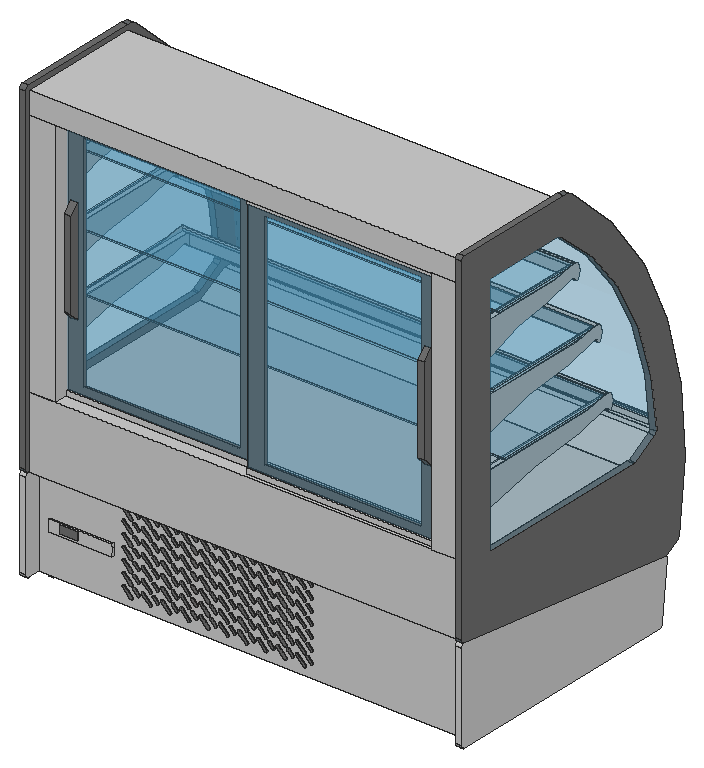
Revit family "QF_INFRICO_VBR12R_250814015714", category Specialty Equipment, Revit 2021
Family settings
  Round Connector Dimension = Use Diameter
  Part Type = Normal
  OmniClass Number = 23.40.40.14
  OmniClass Title = Food Service Equipment
  Work Plane-Based = No
  Always vertical = Yes
  Cut with Voids When Loaded = No
  Shared = No
  Room Calculation Point = No
Parameters (values of type "VBR12R")
  Weight [instance] = 0.00 kg
  Warranty Start Date [instance] = ""
  Warranty Duration [instance] = ""
  Volts [instance] = 230 V
  Volt Free Conn [instance] = no
  URL Recommended Spares List [instance] = ""
  URL Manufacturer [instance] = ""
  URL Cutsheet [instance] = ""
  URL Critical Spares List [instance] = ""
  URL = "www.infrico.com"
  Technical Documentation [instance] = ""
  Tag Number [instance] = ""
  Status [instance] = ""
  Start Up Current [instance] = 0 A
  Specification by User [instance] = ""
  Specification by Manufacturer [instance] = ""
  Sound Level [instance] = ""
  Show Logo [instance] = yes
  Show Clearances [instance] = yes
  Service Life Duration [instance] = ""
  Serial Number [instance] = ""
  Seismic Rating [instance] = ""
  SMACNA No [instance] = ""
  Revision Code [instance] = ""
  Revision [instance] = ""
  Production Year [instance] = ""
  Potential Equalisation [instance] = no
  Point Load [instance] = 0
  Phase [instance] = 1
  Other Equipment Approvals [instance] = ""
  Operational Current [instance] = 0 A
  Number of Poles [instance] = 2
  No Load Power Draw [instance] = no
  NAFEM Spec ID Number [instance] = ""
  Model Warning [instance] = ""
  Model = "VBR12R"
  Min Ckt Ampacity [instance] = 0 A
  Max Overcurrent Protection [instance] = 0 A
  Masterspec [instance] = ""
  Manufacturer = "INFRICO"
  Main switch integrated [instance] = no
  Length Actual [instance] = 1249.934 mm
  Item Number [instance] = ""
  Installed By [instance] = ""
  Installation Date [instance] = ""
  Identify Quantity as Lot [instance] = no
  ID [instance] = ""
  Hygiene Approval [instance] = ""
  Height Actual [instance] = 1299.972 mm
  HP power [instance] = ""
  Furnished By [instance] = ""
  Foodservice Equipment Identifier [instance] = no
  FL Amps [instance] = 0 A
  Electrical Remarks [instance] = ""
  Electric power [instance] = 1060 W
  Electric Connection Type [instance] = ""
  Elec Conn RI Height [instance] = 0 mm
  Elec Conn Connection Height [instance] = 0 mm
  ETL Approved [instance] = no
  Description = "AMBAR SERIES - PASTRY DISPLAY CASE - R452"
  Depth Actual [instance] = 810.006 mm
  Default Elevation = 0 mm
  Cycle [instance] = 50 Hz
  Cost = 0
  Connection to energy optimisation system [instance] = yes
  Conn Plug [instance] = ""
  Conn Conduit [instance] = no
  Centralized building control system with digital interface [instance] = ""
  CSI MasterFormat [instance] = ""
  CE Approved [instance] = no
  Barcode [instance] = 0
  Author [instance] = ""
  Asset Identifier [instance] = ""
  Apparent Power [instance] = 1060 VA
  Accessory [instance] = no
Reference planes
  plane 1 "Center (Front/Back)": y = 0
  plane 2: z = 0
  plane 3 "Center (Left/Right)": x = 0
Forms (mm)
  Extrusion 1, solid, not visible
    sketch origin (0, 0, 2) x (1, 0, 0) y (0, 1, 0)
      loop
        line (-2, 2) -> (-2, -2) -> (2, -2) -> (2, 2) -> (-2, 2)
    from -2 to 2
Dimensions and locks
  locked: nested 2 to Extrusion 1 at 2  (x2)
  aligned and locked: level to plane 2
Nested families
  nested 1: "QF_INFRICO_VBR12R_2920" at (0, 0, 0), type "VBR12R"
    with Weight 0.00 kg, Warranty Start Date "", Warranty Duration "", URL Cutsheet "", Technical Documentation "", Tag Number "", Status "", Specification by User "", Specification by Manufacturer "", Sound Level "", Solid Fuel Type "", Show Logo yes, Show Clearances yes, Show Clearance yes, Service Life Duration "", Serial Number "", Seismic Rating "", SMACNA No "", Revision Code "", Revision "", Production Year "", Point Load 0, Other Equipment Approvals "", NAFEM Spec ID Number "", Model Warning "", Masterspec "", Length Actual 1249.934 mm, Item Number "", Installed By "", Installation Date "", Identify Quantity as Lot yes, ID "", Hygiene Approval "", Height Actual 1299.972 mm, Furnished By "", Foodservice Equipment Identifier yes, Finish none, ETL Approved yes, Depth Actual 810.006 mm, CSI MasterFormat "", CE Approved no, Barcode "", Author "", Asset Identifier "", Accessory no
  nested 2: "CONN_POINT_ELE_2D___Generic_Annotation" at (0, 0, 0), type "CONN_POINT_ELE_2D___Generic_Annotation"
    with Onboard connection annotation symbol visibility yes
Connectors
  electrical at (0, 0, 0), driven by "Apparent Power", driven by "Number of Poles", driven by "Volts"
    settings: on Extrusion 1, index 1, voltage 230 V, apparent load 0 VA, apparent load phase1 1060 VA, apparent load phase2 0 VA, apparent load phase3 0 VA, power factor 1, load classification "Other", number of poles 2, system type 31, power factor state 1, is connector primary yes, connector utility no, sub classification motor no, connector description "Electrical connection for VBR12R"
Definition of nested family "QF_INFRICO_VBR12R_2920"
  Parameters (values of type "VBR12R")
    Weight [instance] = 0.00 kg
    Warranty Start Date [instance] = ""
    Warranty Duration [instance] = ""
    URL Cutsheet [instance] = ""
    URL = "www.infrico.com"
    Technical Documentation [instance] = ""
    Tag Number [instance] = ""
    Status [instance] = ""
    Specification by User [instance] = ""
    Specification by Manufacturer [instance] = ""
    Sound Level [instance] = ""
    Solid Fuel Type [instance] = ""
    Show Logo [instance] = yes
    Show Clearances [instance] = yes
    Show Clearance [instance] = yes
    Service Life Duration [instance] = ""
    Serial Number [instance] = ""
    Seismic Rating [instance] = ""
    SMACNA No [instance] = ""
    Revision Code [instance] = ""
    Revision [instance] = ""
    Production Year [instance] = ""
    Point Load [instance] = 0
    Other Equipment Approvals [instance] = ""
    NAFEM Spec ID Number [instance] = ""
    Model Warning [instance] = ""
    Model = "VBR12R"
    Masterspec [instance] = ""
    Manufacturer = "INFRICO"
    Length Actual [instance] = 0 mm
    Item Number [instance] = ""
    Installed By [instance] = ""
    Installation Date [instance] = ""
    Identify Quantity as Lot [instance] = yes
    ID [instance] = ""
    Hygiene Approval [instance] = ""
    Height Actual [instance] = 0 mm
    Furnished By [instance] = ""
    Foodservice Equipment Identifier [instance] = yes
    Finish [instance] = none
    ETL Approved [instance] = yes
    Description = "AMBAR SERIES - PASTRY DISPLAY CASE - R452"
    Depth Actual [instance] = 0 mm
    Default Elevation = 0 mm
    CSI MasterFormat [instance] = ""
    CE Approved [instance] = yes
    Barcode [instance] = ""
    Author [instance] = ""
    Asset Identifier [instance] = ""
    Assembly Code = "E1090320"
    Accessory [instance] = yes
  Reference planes
    plane 1 "Back": y = 0
    plane 2: z = 0
    plane 3 "Left": x = 0
    plane 4 "Right": x = 1250
    plane 5 "Front": y = -810
    plane 6 "Top": z = 1300
  Forms (mm)
    Extrusion 1, solid
      sketch origin (-18, -810.003, 0) x (0, -1, 0) y (0, 0, -1)
        loop
          line (-100, -1190) -> (-100, -498)
          arc (-100, -498) -> (-102.929, -490.929) -> (-110, -488) r 10
          line (-110, -488) -> (-627, -488)
          arc (-627, -488) -> (-629.55, -488.252) -> (-632, -489) r 13
          line (-632, -489) -> (-702, -529)
          arc (-702, -529) -> (-705.756, -532.802) -> (-707, -538) r 9.937
          arc (-707, -538) -> (-606.573, -907.925) -> (-356, -1198) r 864.001
          arc (-356, -1198) -> (-353.158, -1199.473) -> (-350, -1200) r 10.273
          line (-350, -1200) -> (-110, -1200)
          arc (-110, -1200) -> (-102.929, -1197.071) -> (-100, -1190) r 10
      from 0 to 18
    Extrusion 2, solid
      sketch origin (-18, -810.003, 0) x (0, -1, 0) y (0, 0, -1)
        loop
          arc (-110, -1200) -> (-102.929, -1197.071) -> (-100, -1190) r 10
          line (-100, -1190) -> (-100, -498)
          arc (-100, -498) -> (-102.929, -490.929) -> (-110, -488) r 10
          line (-110, -488) -> (-627, -488)
          arc (-627, -488) -> (-629.55, -488.252) -> (-632, -489) r 13
          line (-632, -489) -> (-702, -529)
          arc (-702, -529) -> (-705.756, -532.802) -> (-707, -538) r 9.937
          arc (-707, -538) -> (-606.573, -907.925) -> (-356, -1198) r 864.001
          arc (-356, -1198) -> (-353.158, -1199.473) -> (-350, -1200) r 10.273
          line (-350, -1200) -> (-110, -1200)
        loop
          arc (-739, -197) -> (-742.074, -197.055) -> (-745, -198) r 10.476
          line (-745, -198) -> (-782, -219)
          arc (-782, -219) -> (-785.127, -222.608) -> (-787, -227) r 15.422
          arc (-787, -227) -> (-745, -815.202) -> (-398, -1292) r 1070.947
          arc (-398, -1292) -> (-385.08, -1297.958) -> (-371, -1300) r 49.563
          line (-371, -1300) -> (-10.003, -1300)
          arc (-10.003, -1300) -> (-2.932, -1297.071) -> (-0.003, -1290) r 10
          line (-0.003, -1290) -> (-0.003, -301.904)
          arc (-0.003, -301.904) -> (-2.683, -295.3) -> (-9, -292) r 10.337
          line (-9, -292) -> (-739, -197)
      from 0 to 18
    Extrusion 3, solid
      sketch origin (1250, -810.003, 0) x (0, -1, 0) y (0, 0, -1)
        loop
          line (-100, -1190) -> (-100, -498)
          arc (-100, -498) -> (-102.929, -490.929) -> (-110, -488) r 10
          line (-110, -488) -> (-627, -488)
          arc (-627, -488) -> (-629.55, -488.252) -> (-632, -489) r 13
          line (-632, -489) -> (-702, -529)
          arc (-702, -529) -> (-705.756, -532.802) -> (-707, -538) r 9.937
          arc (-707, -538) -> (-606.573, -907.925) -> (-356, -1198) r 864.001
          arc (-356, -1198) -> (-353.158, -1199.473) -> (-350, -1200) r 10.273
          line (-350, -1200) -> (-110, -1200)
          arc (-110, -1200) -> (-102.929, -1197.071) -> (-100, -1190) r 10
      from 0 to 18
    Extrusion 4, solid
      sketch origin (1250, -810.003, 0) x (0, -1, 0) y (0, 0, -1)
        loop
          arc (-110, -1200) -> (-102.929, -1197.071) -> (-100, -1190) r 10
          line (-100, -1190) -> (-100, -498)
          arc (-100, -498) -> (-102.929, -490.929) -> (-110, -488) r 10
          line (-110, -488) -> (-627, -488)
          arc (-627, -488) -> (-629.55, -488.252) -> (-632, -489) r 13
          line (-632, -489) -> (-702, -529)
          arc (-702, -529) -> (-705.756, -532.802) -> (-707, -538) r 9.937
          arc (-707, -538) -> (-606.573, -907.925) -> (-356, -1198) r 864.001
          arc (-356, -1198) -> (-353.158, -1199.473) -> (-350, -1200) r 10.273
          line (-350, -1200) -> (-110, -1200)
        loop
          arc (-739, -197) -> (-742.074, -197.055) -> (-745, -198) r 10.476
          line (-745, -198) -> (-782, -219)
          arc (-782, -219) -> (-785.127, -222.608) -> (-787, -227) r 15.422
          arc (-787, -227) -> (-745, -815.202) -> (-398, -1292) r 1070.947
          arc (-398, -1292) -> (-385.08, -1297.958) -> (-371, -1300) r 49.563
          line (-371, -1300) -> (-10.003, -1300)
          arc (-10.003, -1300) -> (-2.932, -1297.071) -> (-0.003, -1290) r 10
          line (-0.003, -1290) -> (-0.003, -301.904)
          arc (-0.003, -301.904) -> (-2.683, -295.3) -> (-9, -292) r 10.337
          line (-9, -292) -> (-739, -197)
      from 0 to 18
    Extrusion 5, solid, material <- "Finish"
      sketch origin (0, -810.003, -1) x (0, -1, 0) y (0, 0, -1)
        loop
          line (-739, -198) -> (-9, -293)
          arc (-9, -293) -> (-2.377, -289.883) -> (-0.003, -282.959) r 9.392
          line (-0.003, -282.959) -> (-0.003, -29)
          arc (-0.003, -29) -> (-2.932, -21.929) -> (-10.003, -19) r 10
          line (-10.003, -19) -> (-718, -19)
          arc (-718, -19) -> (-725.332, -22.2) -> (-727.972, -29.752) r 10
          line (-727.972, -29.752) -> (-746, -188)
          arc (-746, -188) -> (-744.394, -194.326) -> (-739, -198) r 9.212
      from -18 to 0
    Extrusion 6, solid, material <- "Finish"
      sketch origin (1268, -810.003, -1) x (0, -1, 0) y (0, 0, -1)
        loop
          line (-739, -198) -> (-9, -293)
          arc (-9, -293) -> (-2.377, -289.883) -> (-0.003, -282.959) r 9.392
          line (-0.003, -282.959) -> (-0.003, -29)
          arc (-0.003, -29) -> (-2.932, -21.929) -> (-10.003, -19) r 10
          line (-10.003, -19) -> (-718, -19)
          arc (-718, -19) -> (-725.332, -22.2) -> (-727.972, -29.752) r 10
          line (-727.972, -29.752) -> (-746, -188)
          arc (-746, -188) -> (-744.394, -194.326) -> (-739, -198) r 9.212
      from -18 to 0
    Extrusion 7, solid
      sketch origin (0, -750.003, 9) x (1, 0, 0) y (0, 1, 0)
        loop
          line (0, -0.02) -> (40, -0.02) -> (40, 39.98) -> (0, 39.98) -> (0, -0.02)
      from 0 to 9
    Extrusion 8, solid
      sketch origin (0, -170.003, 9) x (1, 0, 0) y (0, 1, 0)
        loop
          line (0, -0.02) -> (40, -0.02) -> (40, 39.98) -> (0, 39.98) -> (0, -0.02)
      from 0 to 9
    Extrusion 9, solid
      sketch origin (-898.549, 112.977, 0) x (-1, 0, 0) y (0, -1, 0)
        loop
          line (-903.549, 843) -> (-911.049, 855.99) -> (-926.049, 855.99) -> (-933.549, 843) -> (-926.049, 830.01) -> (-911.049, 830.01) -> (-903.549, 843)
      from 0 to 9
    Extrusion 10, solid
      sketch origin (-898.549, 692.977, 0) x (-1, 0, 0) y (0, -1, 0)
        loop
          line (-903.549, 843) -> (-911.049, 855.99) -> (-926.049, 855.99) -> (-933.549, 843) -> (-926.049, 830.01) -> (-911.049, 830.01) -> (-903.549, 843)
      from 0 to 9
    Extrusion 11, solid
      sketch origin (1210, -750.003, 9) x (1, 0, 0) y (0, 1, 0)
        loop
          line (0, -0.02) -> (40, -0.02) -> (40, 39.98) -> (0, 39.98) -> (0, -0.02)
      from 0 to 9
    Extrusion 12, solid
      sketch origin (1210, -170.003, 9) x (1, 0, 0) y (0, 1, 0)
        loop
          line (0, -0.02) -> (40, -0.02) -> (40, 39.98) -> (0, 39.98) -> (0, -0.02)
      from 0 to 9
    Extrusion 13, solid
      sketch origin (311.451, 112.977, 0) x (-1, 0, 0) y (0, -1, 0)
        loop
          line (-903.549, 843) -> (-911.049, 855.99) -> (-926.049, 855.99) -> (-933.549, 843) -> (-926.049, 830.01) -> (-911.049, 830.01) -> (-903.549, 843)
      from 0 to 9
    Extrusion 14, solid
      sketch origin (311.451, 692.977, 0) x (-1, 0, 0) y (0, -1, 0)
        loop
          line (-903.549, 843) -> (-911.049, 855.99) -> (-926.049, 855.99) -> (-933.549, 843) -> (-926.049, 830.01) -> (-911.049, 830.01) -> (-903.549, 843)
      from 0 to 9
    Extrusion 15, solid
      sketch origin (0, -810.003, 0) x (0, -1, 0) y (0, 0, -1)
        loop
          line (-59.98, -18) -> (-679.98, -18) -> (-679.98, -293) -> (-59.98, -293) -> (-59.98, -18)
      from 0 to 40
    Extrusion 16, solid
      sketch origin (1210, -810.003, 0) x (0, -1, 0) y (0, 0, -1)
        loop
          line (-59.98, -18) -> (-679.98, -18) -> (-679.98, -293) -> (-59.98, -293) -> (-59.98, -18)
      from 0 to 40
    Extrusion 17, solid
      sketch origin (0, -810.003, 0) x (0, -1, 0) y (0, 0, -1)
        loop
          line (-59.98, -18) -> (-59.98, -293) -> (-44.98, -293) -> (-44.98, -18) -> (-59.98, -18)
      from 0 to 1250
    Extrusion 18, solid
      sketch origin (0, -810.003, 0) x (0, -1, 0) y (0, 0, -1)
        loop
          line (-679.98, -278) -> (-679.98, -38) -> (-719.98, -38) -> (-719.98, -278) -> (-679.98, -278)
      from 0 to 40
    Extrusion 19, solid
      sketch origin (1210, -810.003, 0) x (0, -1, 0) y (0, 0, -1)
        loop
          line (-679.98, -278) -> (-679.98, -38) -> (-719.98, -38) -> (-719.98, -278) -> (-679.98, -278)
      from 0 to 40
    Extrusion 20, solid
      sketch origin (0, -810.003, 0) x (0, -1, 0) y (0, 0, -1)
        loop
          line (-9.98, -293) -> (-759.98, -293) -> (-759.98, -471) -> (-747.98, -471) -> (-747.98, -448) -> (-70.98, -448) -> (-70.98, -502) -> (-9.98, -502) -> (-9.98, -293)
      from 0 to 1250
    Extrusion 21, solid
      sketch origin (0, -810.003, 0) x (0, -1, 0) y (0, 0, -1)
        loop
          line (-747.98, -471) -> (-741.98, -471) -> (-741.98, -515) -> (-719.98, -515) -> (-628.98, -468) -> (-628.98, -448) -> (-630.98, -448) -> (-630.98, -466.782) -> (-720.466, -513) -> (-739.98, -513) -> (-739.98, -469) -> (-747.98, -469) -> (-747.98, -471)
      from 0 to 1250
    Extrusion 22, solid
      sketch origin (0, -810.003, 0) x (0, -1, 0) y (0, 0, -1)
        loop
          line (-626.98, -448) -> (-626.98, -469) -> (-121.98, -469) -> (-121.98, -448) -> (-626.98, -448)
      from 0 to 1250
    Extrusion 23, solid
      sketch origin (0, -810.003, 0) x (0, -1, 0) y (0, 0, -1)
        loop
          line (-110.98, -448) -> (-110.98, -1222) -> (-70.98, -1222) -> (-70.98, -448) -> (-110.98, -448)
      from 0 to 50
    Extrusion 24, solid
      sketch origin (1200, -810.003, 0) x (0, -1, 0) y (0, 0, -1)
        loop
          line (-110.98, -448) -> (-110.98, -1222) -> (-70.98, -1222) -> (-70.98, -448) -> (-110.98, -448)
      from 0 to 50
    Extrusion 25, solid
      sketch origin (0, -810.003, 0) x (0, -1, 0) y (0, 0, -1)
        loop
          line (-9.98, -502) -> (-70.98, -502) -> (-70.98, -1222) -> (-9.98, -1222) -> (-9.98, -502)
      from 0 to 78
    Extrusion 26, solid
      sketch origin (1172, -810.003, 0) x (0, -1, 0) y (0, 0, -1)
        loop
          line (-9.98, -502) -> (-70.98, -502) -> (-70.98, -1222) -> (-9.98, -1222) -> (-9.98, -502)
      from 0 to 78
    Extrusion 27, solid
      sketch origin (0, -810.003, 0) x (0, -1, 0) y (0, 0, -1)
        loop
          line (-9.98, -1288) -> (-9.98, -1222) -> (-288.98, -1222) -> (-288.98, -1276) -> (-353.98, -1276) -> (-353.98, -1260.029) -> (-372.98, -1241.029) -> (-372.98, -1229) -> (-354.98, -1229) -> (-354.98, -1217) -> (-384.98, -1217) -> (-384.98, -1246) -> (-365.98, -1265) -> (-365.98, -1288) -> (-9.98, -1288)
      from 0 to 1250
    Extrusion 28, solid
      sketch origin (0, -810.003, 0) x (0, -1, 0) y (0, 0, -1)
        loop
          line (-741.98, -481) -> (-754.98, -481)
          arc (-754.98, -481) -> (-757.566, -481.786) -> (-759.98, -483) r 15.809
          line (-759.98, -483) -> (-772.98, -491) -> (-778.98, -491) -> (-778.98, -524) -> (-772.98, -524) -> (-772.98, -505) -> (-766.98, -505) -> (-766.98, -524) -> (-759.98, -524) -> (-756.98, -497) -> (-749.98, -497) -> (-749.98, -515) -> (-741.98, -515) -> (-741.98, -481)
      from 0 to 1250
    Extrusion 29, solid
      sketch origin (0, -810.003, 0) x (0, -1, 0) y (0, 0, -1)
        loop
          arc (-374.98, -1256) -> (-665.209, -929.649) -> (-766.979, -504.936) r 897.239
          line (-766.979, -504.936) -> (-772.979, -504.936)
          arc (-772.979, -504.936) -> (-670.513, -932.453) -> (-378.358, -1260.959) r 903.239
          line (-378.358, -1260.959) -> (-374.98, -1256)
      from 0 to 1250
    Extrusion 30, solid
      sketch origin (732, -705.936, 48.526) x (0, -1, 0) y (0, 0, -1)
        loop
          line (80.087, -1157.474) -> (80.087, -1163.474) -> (62.087, -1163.474) -> (62.087, -1157.474) -> (59.087, -1157.474) -> (59.087, -1173.474) -> (62.087, -1173.474) -> (62.087, -1166.474) -> (68.087, -1166.474) -> (68.087, -1173.474) -> (74.087, -1173.474) -> (74.087, -1166.474) -> (80.087, -1166.474) -> (80.087, -1173.474) -> (83.087, -1173.474) -> (83.087, -1157.474) -> (80.087, -1157.474)
      from -107 to 440
    Extrusion 31, solid
      sketch origin (732, -705.936, 48.526) x (0, -1, 0) y (0, 0, -1)
        loop
          line (80.087, -1163.474) -> (80.087, -463.474) -> (75.087, -463.474) -> (75.087, -1163.474) -> (80.087, -1163.474)
      from -107 to 440
    Extrusion 32, solid
      sketch origin (732, -692.936, 48.526) x (0, -1, 0) y (0, 0, -1)
        loop
          line (80.087, -1163.474) -> (80.087, -463.474) -> (75.087, -463.474) -> (75.087, -1163.474) -> (80.087, -1163.474)
      from -107 to 440
    Extrusion 33, solid
      sketch origin (1732, -705.936, 48.526) x (1, 0, 0) y (0, 0, -1)
        loop
          line (-1107, -1163.474) -> (-560, -1163.474) -> (-560, -463.474) -> (-1107, -463.474) -> (-1107, -1163.474)
        loop
          line (-605, -488.474) -> (-1062, -488.474) -> (-1062, -1138.474) -> (-605, -1138.474) -> (-605, -488.474)
      from -75.087 to -67.087
    Extrusion 34, solid
      sketch origin (78, -679.936, 48.526) x (0, -1, 0) y (0, 0, -1)
        loop
          line (80.087, -1157.474) -> (80.087, -1163.474) -> (62.087, -1163.474) -> (62.087, -1157.474) -> (59.087, -1157.474) -> (59.087, -1173.474) -> (62.087, -1173.474) -> (62.087, -1166.474) -> (68.087, -1166.474) -> (68.087, -1173.474) -> (74.087, -1173.474) -> (74.087, -1166.474) -> (80.087, -1166.474) -> (80.087, -1173.474) -> (83.087, -1173.474) -> (83.087, -1157.474) -> (80.087, -1157.474)
      from 0 to 547
    Extrusion 35, solid
      sketch origin (78, -679.936, 48.526) x (0, -1, 0) y (0, 0, -1)
        loop
          line (80.087, -1163.474) -> (80.087, -463.474) -> (75.087, -463.474) -> (75.087, -1163.474) -> (80.087, -1163.474)
      from 0 to 547
    Extrusion 36, solid
      sketch origin (78, -666.936, 48.526) x (0, -1, 0) y (0, 0, -1)
        loop
          line (80.087, -1163.474) -> (80.087, -463.474) -> (75.087, -463.474) -> (75.087, -1163.474) -> (80.087, -1163.474)
      from 0 to 547
    Extrusion 37, solid
      sketch origin (1078, -679.936, 48.526) x (1, 0, 0) y (0, 0, -1)
        loop
          line (-1000, -1163.474) -> (-453, -1163.474) -> (-453, -463.474) -> (-1000, -463.474) -> (-1000, -1163.474)
        loop
          line (-498, -488.474) -> (-955, -488.474) -> (-955, -1138.474) -> (-498, -1138.474) -> (-498, -488.474)
      from -75.087 to -67.087
    Extrusion 38, solid
      sketch origin (732, -705.936, 1675.474) x (0, -1, 0) y (0, 0, -1)
        loop
          line (80.087, 1157.474) -> (83.087, 1157.474) -> (83.087, 1173.474) -> (80.087, 1173.474) -> (80.087, 1166.474) -> (74.087, 1166.474) -> (74.087, 1173.474) -> (68.087, 1173.474) -> (68.087, 1166.474) -> (62.087, 1166.474) -> (62.087, 1173.474) -> (59.087, 1173.474) -> (59.087, 1157.474) -> (62.087, 1157.474) -> (62.087, 1163.474) -> (80.087, 1163.474) -> (80.087, 1157.474)
      from -107 to 440
    Extrusion 39, solid
      sketch origin (78, -679.936, 1675.474) x (0, -1, 0) y (0, 0, -1)
        loop
          line (80.087, 1157.474) -> (83.087, 1157.474) -> (83.087, 1173.474) -> (80.087, 1173.474) -> (80.087, 1166.474) -> (74.087, 1166.474) -> (74.087, 1173.474) -> (68.087, 1173.474) -> (68.087, 1166.474) -> (62.087, 1166.474) -> (62.087, 1173.474) -> (59.087, 1173.474) -> (59.087, 1157.474) -> (62.087, 1157.474) -> (62.087, 1163.474) -> (80.087, 1163.474) -> (80.087, 1157.474)
      from 0 to 547
    Extrusion 40, solid
      sketch origin (-510, -1507.887, 385.642) x (0, -0.939923, 0.341387) y (0, -0.341387, -0.939923)
        loop
          line (-1441.281, -155.749) -> (-1438.55, -163.269) -> (-1412.756, -181.562) -> (-1410.024, -189.081) -> (-1408.109, -188.385) -> (-1411.111, -180.118) -> (-1436.703, -162.496) -> (-1439.401, -155.067) -> (-1441.281, -155.749)
        loop
          line (-1423.188, -205.565) -> (-1420.457, -213.085) -> (-1394.662, -231.378) -> (-1391.931, -238.897) -> (-1390.015, -238.201) -> (-1393.018, -229.934) -> (-1418.61, -212.312) -> (-1421.308, -204.883) -> (-1423.188, -205.565)
        loop
          line (-1405.094, -255.381) -> (-1402.363, -262.901) -> (-1376.569, -281.194) -> (-1373.837, -288.713) -> (-1371.922, -288.017) -> (-1374.924, -279.75) -> (-1400.516, -262.128) -> (-1403.214, -254.698) -> (-1405.094, -255.381)
        loop
          line (-1387.001, -305.197) -> (-1384.27, -312.717) -> (-1358.475, -331.01) -> (-1355.744, -338.529) -> (-1353.828, -337.833) -> (-1356.831, -329.566) -> (-1382.423, -311.944) -> (-1385.121, -304.514) -> (-1387.001, -305.197)
      from 550 to 1720
    Extrusion 41, solid
      sketch origin (3, -810.003, 87) x (0, -1, 0) y (0, 0, -1)
        loop
          line (-110.98, -498) -> (-126.98, -498)
          arc (-126.98, -498) -> (-289.514, -532.928) -> (-454.98, -549) r 1448.355
          line (-454.98, -549) -> (-547.98, -574)
          arc (-547.98, -574) -> (-550.743, -573.659) -> (-552.98, -572) r 5.461
          line (-552.98, -572) -> (-560.98, -562)
          arc (-560.98, -562) -> (-563.98, -560.5) -> (-566.98, -562) r 3.75
          arc (-566.98, -562) -> (-573.98, -583) -> (-566.98, -604) r 35
          arc (-566.98, -604) -> (-565.216, -605.472) -> (-562.98, -606) r 5
          line (-562.98, -606) -> (-544.98, -606) -> (-487.98, -595) -> (-110.98, -595) -> (-110.98, -498)
      from 0 to 2
    Extrusion 42, solid
      sketch origin (3, -810.003, 283) x (0, -1, 0) y (0, 0, -1)
        loop
          line (-110.98, -498) -> (-126.98, -498)
          arc (-126.98, -498) -> (-269.288, -533.055) -> (-414.98, -549) r 1106.867
          line (-414.98, -549) -> (-507.98, -574)
          arc (-507.98, -574) -> (-510.743, -573.659) -> (-512.98, -572) r 5.461
          line (-512.98, -572) -> (-520.98, -562)
          arc (-520.98, -562) -> (-523.98, -560.5) -> (-526.98, -562) r 3.75
          arc (-526.98, -562) -> (-533.98, -583) -> (-526.98, -604) r 35
          arc (-526.98, -604) -> (-525.216, -605.472) -> (-522.98, -606) r 5
          line (-522.98, -606) -> (-504.98, -606) -> (-447.98, -595) -> (-110.98, -595) -> (-110.98, -498)
      from 0 to 2
    Extrusion 43, solid
      sketch origin (3, -810.003, 479) x (0, -1, 0) y (0, 0, -1)
        loop
          line (-110.98, -498) -> (-126.98, -498)
          arc (-126.98, -498) -> (-228.381, -534.099) -> (-334.98, -549) r 530.828
          line (-334.98, -549) -> (-427.98, -574)
          arc (-427.98, -574) -> (-430.743, -573.659) -> (-432.98, -572) r 5.461
          line (-432.98, -572) -> (-440.98, -562)
          arc (-440.98, -562) -> (-443.98, -560.5) -> (-446.98, -562) r 3.75
          arc (-446.98, -562) -> (-453.98, -583) -> (-446.98, -604) r 35
          arc (-446.98, -604) -> (-445.216, -605.472) -> (-442.98, -606) r 5
          line (-442.98, -606) -> (-424.98, -606) -> (-367.98, -595) -> (-110.98, -595) -> (-110.98, -498)
      from 0 to 2
    Extrusion 44, solid
      sketch origin (0, -810.003, 0) x (0, -1, 0) y (0, 0, -1)
        loop
          line (-183.98, -682) -> (-558.98, -682) -> (-558.98, -688) -> (-183.98, -688) -> (-183.98, -682)
      from 5 to 1245
    Extrusion 45, solid
      sketch origin (0, -850.003, 196) x (0, -1, 0) y (0, 0, -1)
        loop
          line (-183.98, -682) -> (-558.98, -682) -> (-558.98, -688) -> (-183.98, -688) -> (-183.98, -682)
      from 5 to 1245
    Extrusion 46, solid
      sketch origin (0, -830.003, 392) x (0, -1, 0) y (0, 0, -1)
        loop
          line (-183.98, -682) -> (-458.98, -682) -> (-458.98, -688) -> (-183.98, -688) -> (-183.98, -682)
      from 5 to 1245
    Extrusion 47, solid
      sketch origin (0, -810.003, 0) x (0, -1, 0) y (0, 0, -1)
        loop
          arc (-566.98, -691) -> (-565.216, -692.472) -> (-562.98, -693) r 5
          arc (-562.98, -693) -> (-561.498, -690.693) -> (-560.98, -688) r 7.25
          line (-560.98, -688) -> (-560.98, -649)
          arc (-560.98, -649) -> (-563.98, -647.5) -> (-566.98, -649) r 3.75
          arc (-566.98, -649) -> (-573.98, -670) -> (-566.98, -691) r 35
      from 5 to 1245
    Extrusion 48, solid
      sketch origin (0, -850.003, 196) x (0, -1, 0) y (0, 0, -1)
        loop
          arc (-566.98, -691) -> (-565.216, -692.472) -> (-562.98, -693) r 5
          arc (-562.98, -693) -> (-561.498, -690.693) -> (-560.98, -688) r 7.25
          line (-560.98, -688) -> (-560.98, -649)
          arc (-560.98, -649) -> (-563.98, -647.5) -> (-566.98, -649) r 3.75
          arc (-566.98, -649) -> (-573.98, -670) -> (-566.98, -691) r 35
      from 5 to 1245
    Extrusion 49, solid
      sketch origin (0, -930.003, 392) x (0, -1, 0) y (0, 0, -1)
        loop
          arc (-566.98, -691) -> (-565.216, -692.472) -> (-562.98, -693) r 5
          arc (-562.98, -693) -> (-561.498, -690.693) -> (-560.98, -688) r 7.25
          line (-560.98, -688) -> (-560.98, -649)
          arc (-560.98, -649) -> (-563.98, -647.5) -> (-566.98, -649) r 3.75
          arc (-566.98, -649) -> (-573.98, -670) -> (-566.98, -691) r 35
      from 5 to 1245
    Extrusion 50, solid
      sketch origin (21, -810.003, 479) x (0, -1, 0) y (0, 0, -1)
        loop
          line (-110.98, -498) -> (-126.98, -498)
          arc (-126.98, -498) -> (-228.381, -534.099) -> (-334.98, -549) r 530.828
          line (-334.98, -549) -> (-427.98, -574)
          arc (-427.98, -574) -> (-430.743, -573.659) -> (-432.98, -572) r 5.461
          line (-432.98, -572) -> (-440.98, -562) -> (-440.98, -595) -> (-110.98, -595) -> (-110.98, -498)
      from 0 to 2
    Extrusion 51, solid
      sketch origin (0, -810.003, 0) x (0, -1, 0) y (0, 0, -1)
        loop
          line (-110.98, -1074) -> (-110.98, -1072) -> (-440.98, -1072) -> (-440.98, -1074) -> (-110.98, -1074)
      from 5 to 21
    Extrusion 52, solid
      sketch origin (21, -810.003, 283) x (0, -1, 0) y (0, 0, -1)
        loop
          line (-110.98, -498) -> (-126.98, -498)
          arc (-126.98, -498) -> (-269.288, -533.055) -> (-414.98, -549) r 1106.867
          line (-414.98, -549) -> (-507.98, -574)
          arc (-507.98, -574) -> (-510.743, -573.659) -> (-512.98, -572) r 5.461
          line (-512.98, -572) -> (-520.98, -562) -> (-520.98, -595) -> (-110.98, -595) -> (-110.98, -498)
      from 0 to 2
    Extrusion 53, solid
      sketch origin (0, -810.003, -196) x (0, -1, 0) y (0, 0, -1)
        loop
          line (-110.98, -1074) -> (-110.98, -1072) -> (-520.98, -1072) -> (-520.98, -1074) -> (-110.98, -1074)
      from 5 to 21
    Extrusion 54, solid
      sketch origin (21, -810.003, 87) x (0, -1, 0) y (0, 0, -1)
        loop
          line (-110.98, -498) -> (-126.98, -498)
          arc (-126.98, -498) -> (-289.514, -532.928) -> (-454.98, -549) r 1448.355
          line (-454.98, -549) -> (-547.98, -574)
          arc (-547.98, -574) -> (-550.743, -573.659) -> (-552.98, -572) r 5.461
          line (-552.98, -572) -> (-560.98, -562) -> (-560.98, -595) -> (-110.98, -595) -> (-110.98, -498)
      from 0 to 2
    Extrusion 55, solid
      sketch origin (0, -810.003, -392) x (0, -1, 0) y (0, 0, -1)
        loop
          line (-110.98, -1074) -> (-110.98, -1072) -> (-560.98, -1072) -> (-560.98, -1074) -> (-110.98, -1074)
      from 5 to 21
    Extrusion 56, solid
      sketch origin (1247, -810.003, 87) x (0, -1, 0) y (0, 0, 1)
        loop
          line (-110.98, 498) -> (-110.98, 595) -> (-487.98, 595) -> (-544.98, 606) -> (-562.98, 606)
          arc (-562.98, 606) -> (-565.216, 605.472) -> (-566.98, 604) r 5
          arc (-566.98, 604) -> (-573.98, 583) -> (-566.98, 562) r 35
          arc (-566.98, 562) -> (-563.98, 560.5) -> (-560.98, 562) r 3.75
          line (-560.98, 562) -> (-552.98, 572)
          arc (-552.98, 572) -> (-550.743, 573.659) -> (-547.98, 574) r 5.461
          line (-547.98, 574) -> (-454.98, 549)
          arc (-454.98, 549) -> (-289.514, 532.928) -> (-126.98, 498) r 1448.355
          line (-126.98, 498) -> (-110.98, 498)
      from 0 to 2
    Extrusion 57, solid
      sketch origin (1247, -810.003, 283) x (0, -1, 0) y (0, 0, 1)
        loop
          line (-110.98, 498) -> (-110.98, 595) -> (-447.98, 595) -> (-504.98, 606) -> (-522.98, 606)
          arc (-522.98, 606) -> (-525.216, 605.472) -> (-526.98, 604) r 5
          arc (-526.98, 604) -> (-533.98, 583) -> (-526.98, 562) r 35
          arc (-526.98, 562) -> (-523.98, 560.5) -> (-520.98, 562) r 3.75
          line (-520.98, 562) -> (-512.98, 572)
          arc (-512.98, 572) -> (-510.743, 573.659) -> (-507.98, 574) r 5.461
          line (-507.98, 574) -> (-414.98, 549)
          arc (-414.98, 549) -> (-269.288, 533.055) -> (-126.98, 498) r 1106.867
          line (-126.98, 498) -> (-110.98, 498)
      from 0 to 2
    Extrusion 58, solid
      sketch origin (1247, -810.003, 479) x (0, -1, 0) y (0, 0, 1)
        loop
          line (-110.98, 498) -> (-110.98, 595) -> (-367.98, 595) -> (-424.98, 606) -> (-442.98, 606)
          arc (-442.98, 606) -> (-445.216, 605.472) -> (-446.98, 604) r 5
          arc (-446.98, 604) -> (-453.98, 583) -> (-446.98, 562) r 35
          arc (-446.98, 562) -> (-443.98, 560.5) -> (-440.98, 562) r 3.75
          line (-440.98, 562) -> (-432.98, 572)
          arc (-432.98, 572) -> (-430.743, 573.659) -> (-427.98, 574) r 5.461
          line (-427.98, 574) -> (-334.98, 549)
          arc (-334.98, 549) -> (-228.381, 534.099) -> (-126.98, 498) r 530.828
          line (-126.98, 498) -> (-110.98, 498)
      from 0 to 2
    Extrusion 59, solid
      sketch origin (1229, -810.003, 479) x (0, -1, 0) y (0, 0, 1)
        loop
          line (-110.98, 498) -> (-110.98, 595) -> (-440.98, 595) -> (-440.98, 562) -> (-432.98, 572)
          arc (-432.98, 572) -> (-430.743, 573.659) -> (-427.98, 574) r 5.461
          line (-427.98, 574) -> (-334.98, 549)
          arc (-334.98, 549) -> (-228.381, 534.099) -> (-126.98, 498) r 530.828
          line (-126.98, 498) -> (-110.98, 498)
      from 0 to 2
    Extrusion 60, solid
      sketch origin (1250, -810.003, 0) x (0, -1, 0) y (0, 0, 1)
        loop
          line (-110.98, 1074) -> (-440.98, 1074) -> (-440.98, 1072) -> (-110.98, 1072) -> (-110.98, 1074)
      from 5 to 21
    Extrusion 61, solid
      sketch origin (1229, -810.003, 283) x (0, -1, 0) y (0, 0, 1)
        loop
          line (-110.98, 498) -> (-110.98, 595) -> (-520.98, 595) -> (-520.98, 562) -> (-512.98, 572)
          arc (-512.98, 572) -> (-510.743, 573.659) -> (-507.98, 574) r 5.461
          line (-507.98, 574) -> (-414.98, 549)
          arc (-414.98, 549) -> (-269.288, 533.055) -> (-126.98, 498) r 1106.867
          line (-126.98, 498) -> (-110.98, 498)
      from 0 to 2
    Extrusion 62, solid
      sketch origin (1250, -810.003, -196) x (0, -1, 0) y (0, 0, 1)
        loop
          line (-110.98, 1074) -> (-520.98, 1074) -> (-520.98, 1072) -> (-110.98, 1072) -> (-110.98, 1074)
      from 5 to 21
    Extrusion 63, solid
      sketch origin (1229, -810.003, 87) x (0, -1, 0) y (0, 0, 1)
        loop
          line (-110.98, 498) -> (-110.98, 595) -> (-560.98, 595) -> (-560.98, 562) -> (-552.98, 572)
          arc (-552.98, 572) -> (-550.743, 573.659) -> (-547.98, 574) r 5.461
          line (-547.98, 574) -> (-454.98, 549)
          arc (-454.98, 549) -> (-289.514, 532.928) -> (-126.98, 498) r 1448.355
          line (-126.98, 498) -> (-110.98, 498)
      from 0 to 2
    Extrusion 64, solid
      sketch origin (1250, -810.003, -392) x (0, -1, 0) y (0, 0, 1)
        loop
          line (-110.98, 1074) -> (-560.98, 1074) -> (-560.98, 1072) -> (-110.98, 1072) -> (-110.98, 1074)
      from 5 to 21
    Extrusion 65, solid
      sketch origin (0, -810.003, 0) x (0, -1, 0) y (0, 0, -1)
        loop
          line (-59.98, -18) -> (-99.98, -18) -> (-99.98, -38) -> (-59.98, -38) -> (-59.98, -18)
      from 40 to 1210
    Extrusion 66, solid
      sketch origin (0, -230.003, 0) x (0, -1, 0) y (0, 0, -1)
        loop
          line (-59.98, -18) -> (-99.98, -18) -> (-99.98, -38) -> (-59.98, -38) -> (-59.98, -18)
      from 40 to 1210
    Extrusion 67, solid, material <- "Finish"
      sketch origin (0, -810.003, 0) x (0, -1, 0) y (0, 0, -1)
        loop
          line (-769.98, -438) -> (-759.945, -218.229) -> (-778.925, -217.362) -> (-788.96, -437.133) -> (-769.98, -438)
      from 0 to 1250
    Extrusion 68, solid
      sketch origin (0, -810.003, 0) x (0, -1, 0) y (0, 0, -1)
        loop
          line (-747.98, -471) -> (-759.98, -471) -> (-789.173, -441.806) -> (-788.489, -426.822) -> (-790.487, -426.731) -> (-791.212, -442.597) -> (-760.808, -473) -> (-747.98, -473) -> (-747.98, -471)
      from 0 to 1250
    Extrusion 69, solid
      sketch origin (1643.376, -765.123, -1.698) x (-1, 0, 0) y (0, 0, 1)
        loop
          line (1376.497, 42.364) -> (1398.417, 64.284)
          arc (1398.417, 64.284) -> (1398.417, 70.648) -> (1392.053, 70.648) r 4.5
          line (1392.053, 70.648) -> (1370.133, 48.728)
          arc (1370.133, 48.728) -> (1370.133, 42.364) -> (1376.497, 42.364) r 4.5
        loop
          line (1355.739, 55.335) -> (1367.053, 66.648)
          arc (1367.053, 66.648) -> (1367.053, 73.012) -> (1360.689, 73.012) r 4.5
          line (1360.689, 73.012) -> (1349.376, 61.698)
          arc (1349.376, 61.698) -> (1349.376, 55.335) -> (1355.739, 55.335) r 4.5
        loop
          line (1376.497, 76.364) -> (1398.417, 98.284)
          arc (1398.417, 98.284) -> (1398.417, 104.648) -> (1392.053, 104.648) r 4.5
          line (1392.053, 104.648) -> (1370.133, 82.728)
          arc (1370.133, 82.728) -> (1370.133, 76.364) -> (1376.497, 76.364) r 4.5
        loop
          line (1355.739, 89.335) -> (1367.053, 100.648)
          arc (1367.053, 100.648) -> (1367.053, 107.012) -> (1360.689, 107.012) r 4.5
          line (1360.689, 107.012) -> (1349.376, 95.698)
          arc (1349.376, 95.698) -> (1349.376, 89.335) -> (1355.739, 89.335) r 4.5
        loop
          line (1376.497, 110.364) -> (1398.417, 132.284)
          arc (1398.417, 132.284) -> (1398.417, 138.648) -> (1392.053, 138.648) r 4.5
          line (1392.053, 138.648) -> (1370.133, 116.728)
          arc (1370.133, 116.728) -> (1370.133, 110.364) -> (1376.497, 110.364) r 4.5
        loop
          line (1355.739, 123.335) -> (1367.053, 134.648)
          arc (1367.053, 134.648) -> (1367.053, 141.012) -> (1360.689, 141.012) r 4.5
          line (1360.689, 141.012) -> (1349.376, 129.698)
          arc (1349.376, 129.698) -> (1349.376, 123.335) -> (1355.739, 123.335) r 4.5
        loop
          line (1376.497, 144.364) -> (1398.417, 166.284)
          arc (1398.417, 166.284) -> (1398.417, 172.648) -> (1392.053, 172.648) r 4.5
          line (1392.053, 172.648) -> (1370.133, 150.728)
          arc (1370.133, 150.728) -> (1370.133, 144.364) -> (1376.497, 144.364) r 4.5
        loop
          line (1355.739, 157.335) -> (1367.053, 168.648)
          arc (1367.053, 168.648) -> (1367.053, 175.012) -> (1360.689, 175.012) r 4.5
          line (1360.689, 175.012) -> (1349.376, 163.698)
          arc (1349.376, 163.698) -> (1349.376, 157.335) -> (1355.739, 157.335) r 4.5
        loop
          line (1376.497, 178.364) -> (1398.417, 200.284)
          arc (1398.417, 200.284) -> (1398.417, 206.648) -> (1392.053, 206.648) r 4.5
          line (1392.053, 206.648) -> (1370.133, 184.728)
          arc (1370.133, 184.728) -> (1370.133, 178.364) -> (1376.497, 178.364) r 4.5
        loop
          line (1355.739, 191.335) -> (1367.053, 202.648)
          arc (1367.053, 202.648) -> (1367.053, 209.012) -> (1360.689, 209.012) r 4.5
          line (1360.689, 209.012) -> (1349.376, 197.698)
          arc (1349.376, 197.698) -> (1349.376, 191.335) -> (1355.739, 191.335) r 4.5
        loop
          line (1376.497, 212.364) -> (1398.417, 234.284)
          arc (1398.417, 234.284) -> (1398.417, 240.648) -> (1392.053, 240.648) r 4.5
          line (1392.053, 240.648) -> (1370.133, 218.728)
          arc (1370.133, 218.728) -> (1370.133, 212.364) -> (1376.497, 212.364) r 4.5
        loop
          line (1355.739, 225.335) -> (1367.053, 236.648)
          arc (1367.053, 236.648) -> (1367.053, 243.012) -> (1360.689, 243.012) r 4.5
          line (1360.689, 243.012) -> (1349.376, 231.698)
          arc (1349.376, 231.698) -> (1349.376, 225.335) -> (1355.739, 225.335) r 4.5
        loop
          line (1376.497, 246.364) -> (1398.417, 268.284)
          arc (1398.417, 268.284) -> (1398.417, 274.648) -> (1392.053, 274.648) r 4.5
          line (1392.053, 274.648) -> (1370.133, 252.728)
          arc (1370.133, 252.728) -> (1370.133, 246.364) -> (1376.497, 246.364) r 4.5
        loop
          line (1355.739, 259.335) -> (1367.053, 270.648)
          arc (1367.053, 270.648) -> (1367.053, 277.012) -> (1360.689, 277.012) r 4.5
          line (1360.689, 277.012) -> (1349.376, 265.698)
          arc (1349.376, 265.698) -> (1349.376, 259.335) -> (1355.739, 259.335) r 4.5
        loop
          line (1320.497, 42.364) -> (1342.417, 64.284)
          arc (1342.417, 64.284) -> (1342.417, 70.648) -> (1336.053, 70.648) r 4.5
          line (1336.053, 70.648) -> (1314.133, 48.728)
          arc (1314.133, 48.728) -> (1314.133, 42.364) -> (1320.497, 42.364) r 4.5
        loop
          line (1299.739, 55.335) -> (1311.053, 66.648)
          arc (1311.053, 66.648) -> (1311.053, 73.012) -> (1304.689, 73.012) r 4.5
          line (1304.689, 73.012) -> (1293.376, 61.698)
          arc (1293.376, 61.698) -> (1293.376, 55.335) -> (1299.739, 55.335) r 4.5
        loop
          line (1320.497, 76.364) -> (1342.417, 98.284)
          arc (1342.417, 98.284) -> (1342.417, 104.648) -> (1336.053, 104.648) r 4.5
          line (1336.053, 104.648) -> (1314.133, 82.728)
          arc (1314.133, 82.728) -> (1314.133, 76.364) -> (1320.497, 76.364) r 4.5
        loop
          line (1299.739, 89.335) -> (1311.053, 100.648)
          arc (1311.053, 100.648) -> (1311.053, 107.012) -> (1304.689, 107.012) r 4.5
          line (1304.689, 107.012) -> (1293.376, 95.698)
          arc (1293.376, 95.698) -> (1293.376, 89.335) -> (1299.739, 89.335) r 4.5
        loop
          line (1320.497, 110.364) -> (1342.417, 132.284)
          arc (1342.417, 132.284) -> (1342.417, 138.648) -> (1336.053, 138.648) r 4.5
          line (1336.053, 138.648) -> (1314.133, 116.728)
          arc (1314.133, 116.728) -> (1314.133, 110.364) -> (1320.497, 110.364) r 4.5
        loop
          line (1299.739, 123.335) -> (1311.053, 134.648)
          arc (1311.053, 134.648) -> (1311.053, 141.012) -> (1304.689, 141.012) r 4.5
          line (1304.689, 141.012) -> (1293.376, 129.698)
          arc (1293.376, 129.698) -> (1293.376, 123.335) -> (1299.739, 123.335) r 4.5
        loop
          line (1320.497, 144.364) -> (1342.417, 166.284)
          arc (1342.417, 166.284) -> (1342.417, 172.648) -> (1336.053, 172.648) r 4.5
          line (1336.053, 172.648) -> (1314.133, 150.728)
          arc (1314.133, 150.728) -> (1314.133, 144.364) -> (1320.497, 144.364) r 4.5
        loop
          line (1299.739, 157.335) -> (1311.053, 168.648)
          arc (1311.053, 168.648) -> (1311.053, 175.012) -> (1304.689, 175.012) r 4.5
          line (1304.689, 175.012) -> (1293.376, 163.698)
          arc (1293.376, 163.698) -> (1293.376, 157.335) -> (1299.739, 157.335) r 4.5
        loop
          line (1320.497, 178.364) -> (1342.417, 200.284)
          arc (1342.417, 200.284) -> (1342.417, 206.648) -> (1336.053, 206.648) r 4.5
          line (1336.053, 206.648) -> (1314.133, 184.728)
          arc (1314.133, 184.728) -> (1314.133, 178.364) -> (1320.497, 178.364) r 4.5
        loop
          line (1299.739, 191.335) -> (1311.053, 202.648)
          arc (1311.053, 202.648) -> (1311.053, 209.012) -> (1304.689, 209.012) r 4.5
          line (1304.689, 209.012) -> (1293.376, 197.698)
          arc (1293.376, 197.698) -> (1293.376, 191.335) -> (1299.739, 191.335) r 4.5
        loop
          line (1320.497, 212.364) -> (1342.417, 234.284)
          arc (1342.417, 234.284) -> (1342.417, 240.648) -> (1336.053, 240.648) r 4.5
          line (1336.053, 240.648) -> (1314.133, 218.728)
          arc (1314.133, 218.728) -> (1314.133, 212.364) -> (1320.497, 212.364) r 4.5
        loop
          line (1299.739, 225.335) -> (1311.053, 236.648)
          arc (1311.053, 236.648) -> (1311.053, 243.012) -> (1304.689, 243.012) r 4.5
          line (1304.689, 243.012) -> (1293.376, 231.698)
          arc (1293.376, 231.698) -> (1293.376, 225.335) -> (1299.739, 225.335) r 4.5
        loop
          line (1320.497, 246.364) -> (1342.417, 268.284)
          arc (1342.417, 268.284) -> (1342.417, 274.648) -> (1336.053, 274.648) r 4.5
          line (1336.053, 274.648) -> (1314.133, 252.728)
          arc (1314.133, 252.728) -> (1314.133, 246.364) -> (1320.497, 246.364) r 4.5
        loop
          line (1299.739, 259.335) -> (1311.053, 270.648)
          arc (1311.053, 270.648) -> (1311.053, 277.012) -> (1304.689, 277.012) r 4.5
          line (1304.689, 277.012) -> (1293.376, 265.698)
          arc (1293.376, 265.698) -> (1293.376, 259.335) -> (1299.739, 259.335) r 4.5
        loop
          line (1264.497, 42.364) -> (1286.417, 64.284)
          arc (1286.417, 64.284) -> (1286.417, 70.648) -> (1280.053, 70.648) r 4.5
          line (1280.053, 70.648) -> (1258.133, 48.728)
          arc (1258.133, 48.728) -> (1258.133, 42.364) -> (1264.497, 42.364) r 4.5
        loop
          line (1243.739, 55.335) -> (1255.053, 66.648)
          arc (1255.053, 66.648) -> (1255.053, 73.012) -> (1248.689, 73.012) r 4.5
          line (1248.689, 73.012) -> (1237.376, 61.698)
          arc (1237.376, 61.698) -> (1237.376, 55.335) -> (1243.739, 55.335) r 4.5
        loop
          line (1264.497, 76.364) -> (1286.417, 98.284)
          arc (1286.417, 98.284) -> (1286.417, 104.648) -> (1280.053, 104.648) r 4.5
          line (1280.053, 104.648) -> (1258.133, 82.728)
          arc (1258.133, 82.728) -> (1258.133, 76.364) -> (1264.497, 76.364) r 4.5
        loop
          line (1243.739, 89.335) -> (1255.053, 100.648)
          arc (1255.053, 100.648) -> (1255.053, 107.012) -> (1248.689, 107.012) r 4.5
          line (1248.689, 107.012) -> (1237.376, 95.698)
          arc (1237.376, 95.698) -> (1237.376, 89.335) -> (1243.739, 89.335) r 4.5
        loop
          line (1264.497, 110.364) -> (1286.417, 132.284)
          arc (1286.417, 132.284) -> (1286.417, 138.648) -> (1280.053, 138.648) r 4.5
          line (1280.053, 138.648) -> (1258.133, 116.728)
          arc (1258.133, 116.728) -> (1258.133, 110.364) -> (1264.497, 110.364) r 4.5
        loop
          line (1243.739, 123.335) -> (1255.053, 134.648)
          arc (1255.053, 134.648) -> (1255.053, 141.012) -> (1248.689, 141.012) r 4.5
          line (1248.689, 141.012) -> (1237.376, 129.698)
          arc (1237.376, 129.698) -> (1237.376, 123.335) -> (1243.739, 123.335) r 4.5
        loop
          line (1264.497, 144.364) -> (1286.417, 166.284)
          arc (1286.417, 166.284) -> (1286.417, 172.648) -> (1280.053, 172.648) r 4.5
          line (1280.053, 172.648) -> (1258.133, 150.728)
          arc (1258.133, 150.728) -> (1258.133, 144.364) -> (1264.497, 144.364) r 4.5
        loop
          line (1243.739, 157.335) -> (1255.053, 168.648)
          arc (1255.053, 168.648) -> (1255.053, 175.012) -> (1248.689, 175.012) r 4.5
          line (1248.689, 175.012) -> (1237.376, 163.698)
          arc (1237.376, 163.698) -> (1237.376, 157.335) -> (1243.739, 157.335) r 4.5
        loop
          line (1264.497, 178.364) -> (1286.417, 200.284)
          arc (1286.417, 200.284) -> (1286.417, 206.648) -> (1280.053, 206.648) r 4.5
          line (1280.053, 206.648) -> (1258.133, 184.728)
          arc (1258.133, 184.728) -> (1258.133, 178.364) -> (1264.497, 178.364) r 4.5
        loop
          line (1243.739, 191.335) -> (1255.053, 202.648)
          arc (1255.053, 202.648) -> (1255.053, 209.012) -> (1248.689, 209.012) r 4.5
          line (1248.689, 209.012) -> (1237.376, 197.698)
          arc (1237.376, 197.698) -> (1237.376, 191.335) -> (1243.739, 191.335) r 4.5
        loop
          line (1264.497, 212.364) -> (1286.417, 234.284)
          arc (1286.417, 234.284) -> (1286.417, 240.648) -> (1280.053, 240.648) r 4.5
          line (1280.053, 240.648) -> (1258.133, 218.728)
          arc (1258.133, 218.728) -> (1258.133, 212.364) -> (1264.497, 212.364) r 4.5
        loop
          line (1243.739, 225.335) -> (1255.053, 236.648)
          arc (1255.053, 236.648) -> (1255.053, 243.012) -> (1248.689, 243.012) r 4.5
          line (1248.689, 243.012) -> (1237.376, 231.698)
          arc (1237.376, 231.698) -> (1237.376, 225.335) -> (1243.739, 225.335) r 4.5
        loop
          line (1264.497, 246.364) -> (1286.417, 268.284)
          arc (1286.417, 268.284) -> (1286.417, 274.648) -> (1280.053, 274.648) r 4.5
          line (1280.053, 274.648) -> (1258.133, 252.728)
          arc (1258.133, 252.728) -> (1258.133, 246.364) -> (1264.497, 246.364) r 4.5
        loop
          line (1243.739, 259.335) -> (1255.053, 270.648)
          arc (1255.053, 270.648) -> (1255.053, 277.012) -> (1248.689, 277.012) r 4.5
          line (1248.689, 277.012) -> (1237.376, 265.698)
          arc (1237.376, 265.698) -> (1237.376, 259.335) -> (1243.739, 259.335) r 4.5
        loop
          line (1208.497, 42.364) -> (1230.417, 64.284)
          arc (1230.417, 64.284) -> (1230.417, 70.648) -> (1224.053, 70.648) r 4.5
          line (1224.053, 70.648) -> (1202.133, 48.728)
          arc (1202.133, 48.728) -> (1202.133, 42.364) -> (1208.497, 42.364) r 4.5
        loop
          line (1187.739, 55.335) -> (1199.053, 66.648)
          arc (1199.053, 66.648) -> (1199.053, 73.012) -> (1192.689, 73.012) r 4.5
          line (1192.689, 73.012) -> (1181.376, 61.698)
          arc (1181.376, 61.698) -> (1181.376, 55.335) -> (1187.739, 55.335) r 4.5
        loop
          line (1208.497, 76.364) -> (1230.417, 98.284)
          arc (1230.417, 98.284) -> (1230.417, 104.648) -> (1224.053, 104.648) r 4.5
          line (1224.053, 104.648) -> (1202.133, 82.728)
          arc (1202.133, 82.728) -> (1202.133, 76.364) -> (1208.497, 76.364) r 4.5
        loop
          line (1187.739, 89.335) -> (1199.053, 100.648)
          arc (1199.053, 100.648) -> (1199.053, 107.012) -> (1192.689, 107.012) r 4.5
          line (1192.689, 107.012) -> (1181.376, 95.698)
          arc (1181.376, 95.698) -> (1181.376, 89.335) -> (1187.739, 89.335) r 4.5
        loop
          line (1208.497, 110.364) -> (1230.417, 132.284)
          arc (1230.417, 132.284) -> (1230.417, 138.648) -> (1224.053, 138.648) r 4.5
          line (1224.053, 138.648) -> (1202.133, 116.728)
          arc (1202.133, 116.728) -> (1202.133, 110.364) -> (1208.497, 110.364) r 4.5
        loop
          line (1187.739, 123.335) -> (1199.053, 134.648)
          arc (1199.053, 134.648) -> (1199.053, 141.012) -> (1192.689, 141.012) r 4.5
          line (1192.689, 141.012) -> (1181.376, 129.698)
          arc (1181.376, 129.698) -> (1181.376, 123.335) -> (1187.739, 123.335) r 4.5
        loop
          line (1208.497, 144.364) -> (1230.417, 166.284)
          arc (1230.417, 166.284) -> (1230.417, 172.648) -> (1224.053, 172.648) r 4.5
          line (1224.053, 172.648) -> (1202.133, 150.728)
          arc (1202.133, 150.728) -> (1202.133, 144.364) -> (1208.497, 144.364) r 4.5
        loop
          line (1187.739, 157.335) -> (1199.053, 168.648)
          arc (1199.053, 168.648) -> (1199.053, 175.012) -> (1192.689, 175.012) r 4.5
          line (1192.689, 175.012) -> (1181.376, 163.698)
          arc (1181.376, 163.698) -> (1181.376, 157.335) -> (1187.739, 157.335) r 4.5
        loop
          line (1208.497, 178.364) -> (1230.417, 200.284)
          arc (1230.417, 200.284) -> (1230.417, 206.648) -> (1224.053, 206.648) r 4.5
          line (1224.053, 206.648) -> (1202.133, 184.728)
          arc (1202.133, 184.728) -> (1202.133, 178.364) -> (1208.497, 178.364) r 4.5
        loop
          line (1187.739, 191.335) -> (1199.053, 202.648)
          arc (1199.053, 202.648) -> (1199.053, 209.012) -> (1192.689, 209.012) r 4.5
          line (1192.689, 209.012) -> (1181.376, 197.698)
          arc (1181.376, 197.698) -> (1181.376, 191.335) -> (1187.739, 191.335) r 4.5
        loop
          line (1208.497, 212.364) -> (1230.417, 234.284)
          arc (1230.417, 234.284) -> (1230.417, 240.648) -> (1224.053, 240.648) r 4.5
          line (1224.053, 240.648) -> (1202.133, 218.728)
          arc (1202.133, 218.728) -> (1202.133, 212.364) -> (1208.497, 212.364) r 4.5
        loop
          line (1187.739, 225.335) -> (1199.053, 236.648)
          arc (1199.053, 236.648) -> (1199.053, 243.012) -> (1192.689, 243.012) r 4.5
          line (1192.689, 243.012) -> (1181.376, 231.698)
          arc (1181.376, 231.698) -> (1181.376, 225.335) -> (1187.739, 225.335) r 4.5
        loop
          line (1208.497, 246.364) -> (1230.417, 268.284)
          arc (1230.417, 268.284) -> (1230.417, 274.648) -> (1224.053, 274.648) r 4.5
          line (1224.053, 274.648) -> (1202.133, 252.728)
          arc (1202.133, 252.728) -> (1202.133, 246.364) -> (1208.497, 246.364) r 4.5
        loop
          line (1187.739, 259.335) -> (1199.053, 270.648)
          arc (1199.053, 270.648) -> (1199.053, 277.012) -> (1192.689, 277.012) r 4.5
          line (1192.689, 277.012) -> (1181.376, 265.698)
          arc (1181.376, 265.698) -> (1181.376, 259.335) -> (1187.739, 259.335) r 4.5
        loop
          line (1152.497, 42.364) -> (1174.417, 64.284)
          arc (1174.417, 64.284) -> (1174.417, 70.648) -> (1168.053, 70.648) r 4.5
          line (1168.053, 70.648) -> (1146.133, 48.728)
          arc (1146.133, 48.728) -> (1146.133, 42.364) -> (1152.497, 42.364) r 4.5
        loop
          line (1131.739, 55.335) -> (1143.053, 66.648)
          arc (1143.053, 66.648) -> (1143.053, 73.012) -> (1136.689, 73.012) r 4.5
          line (1136.689, 73.012) -> (1125.376, 61.698)
          arc (1125.376, 61.698) -> (1125.376, 55.335) -> (1131.739, 55.335) r 4.5
        loop
          line (1152.497, 76.364) -> (1174.417, 98.284)
          arc (1174.417, 98.284) -> (1174.417, 104.648) -> (1168.053, 104.648) r 4.5
          line (1168.053, 104.648) -> (1146.133, 82.728)
          arc (1146.133, 82.728) -> (1146.133, 76.364) -> (1152.497, 76.364) r 4.5
        loop
          line (1131.739, 89.335) -> (1143.053, 100.648)
          arc (1143.053, 100.648) -> (1143.053, 107.012) -> (1136.689, 107.012) r 4.5
          line (1136.689, 107.012) -> (1125.376, 95.698)
          arc (1125.376, 95.698) -> (1125.376, 89.335) -> (1131.739, 89.335) r 4.5
        loop
          line (1152.497, 110.364) -> (1174.417, 132.284)
          arc (1174.417, 132.284) -> (1174.417, 138.648) -> (1168.053, 138.648) r 4.5
          line (1168.053, 138.648) -> (1146.133, 116.728)
          arc (1146.133, 116.728) -> (1146.133, 110.364) -> (1152.497, 110.364) r 4.5
        loop
          line (1131.739, 123.335) -> (1143.053, 134.648)
          arc (1143.053, 134.648) -> (1143.053, 141.012) -> (1136.689, 141.012) r 4.5
          line (1136.689, 141.012) -> (1125.376, 129.698)
          arc (1125.376, 129.698) -> (1125.376, 123.335) -> (1131.739, 123.335) r 4.5
        loop
          line (1152.497, 144.364) -> (1174.417, 166.284)
          arc (1174.417, 166.284) -> (1174.417, 172.648) -> (1168.053, 172.648) r 4.5
          line (1168.053, 172.648) -> (1146.133, 150.728)
          arc (1146.133, 150.728) -> (1146.133, 144.364) -> (1152.497, 144.364) r 4.5
        loop
          line (1131.739, 157.335) -> (1143.053, 168.648)
          arc (1143.053, 168.648) -> (1143.053, 175.012) -> (1136.689, 175.012) r 4.5
          line (1136.689, 175.012) -> (1125.376, 163.698)
          arc (1125.376, 163.698) -> (1125.376, 157.335) -> (1131.739, 157.335) r 4.5
        loop
          line (1152.497, 178.364) -> (1174.417, 200.284)
          arc (1174.417, 200.284) -> (1174.417, 206.648) -> (1168.053, 206.648) r 4.5
          line (1168.053, 206.648) -> (1146.133, 184.728)
          arc (1146.133, 184.728) -> (1146.133, 178.364) -> (1152.497, 178.364) r 4.5
        loop
          line (1131.739, 191.335) -> (1143.053, 202.648)
          arc (1143.053, 202.648) -> (1143.053, 209.012) -> (1136.689, 209.012) r 4.5
          line (1136.689, 209.012) -> (1125.376, 197.698)
          arc (1125.376, 197.698) -> (1125.376, 191.335) -> (1131.739, 191.335) r 4.5
        loop
          line (1152.497, 212.364) -> (1174.417, 234.284)
          arc (1174.417, 234.284) -> (1174.417, 240.648) -> (1168.053, 240.648) r 4.5
          line (1168.053, 240.648) -> (1146.133, 218.728)
          arc (1146.133, 218.728) -> (1146.133, 212.364) -> (1152.497, 212.364) r 4.5
        loop
          line (1131.739, 225.335) -> (1143.053, 236.648)
          arc (1143.053, 236.648) -> (1143.053, 243.012) -> (1136.689, 243.012) r 4.5
          line (1136.689, 243.012) -> (1125.376, 231.698)
          arc (1125.376, 231.698) -> (1125.376, 225.335) -> (1131.739, 225.335) r 4.5
        loop
          line (1152.497, 246.364) -> (1174.417, 268.284)
          arc (1174.417, 268.284) -> (1174.417, 274.648) -> (1168.053, 274.648) r 4.5
          line (1168.053, 274.648) -> (1146.133, 252.728)
          arc (1146.133, 252.728) -> (1146.133, 246.364) -> (1152.497, 246.364) r 4.5
        loop
          line (1131.739, 259.335) -> (1143.053, 270.648)
          arc (1143.053, 270.648) -> (1143.053, 277.012) -> (1136.689, 277.012) r 4.5
          line (1136.689, 277.012) -> (1125.376, 265.698)
          arc (1125.376, 265.698) -> (1125.376, 259.335) -> (1131.739, 259.335) r 4.5
        loop
          line (1096.497, 42.364) -> (1118.417, 64.284)
          arc (1118.417, 64.284) -> (1118.417, 70.648) -> (1112.053, 70.648) r 4.5
          line (1112.053, 70.648) -> (1090.133, 48.728)
          arc (1090.133, 48.728) -> (1090.133, 42.364) -> (1096.497, 42.364) r 4.5
        loop
          line (1075.739, 55.335) -> (1087.053, 66.648)
          arc (1087.053, 66.648) -> (1087.053, 73.012) -> (1080.689, 73.012) r 4.5
          line (1080.689, 73.012) -> (1069.376, 61.698)
          arc (1069.376, 61.698) -> (1069.376, 55.335) -> (1075.739, 55.335) r 4.5
        loop
          line (1096.497, 76.364) -> (1118.417, 98.284)
          arc (1118.417, 98.284) -> (1118.417, 104.648) -> (1112.053, 104.648) r 4.5
          line (1112.053, 104.648) -> (1090.133, 82.728)
          arc (1090.133, 82.728) -> (1090.133, 76.364) -> (1096.497, 76.364) r 4.5
        loop
          line (1075.739, 89.335) -> (1087.053, 100.648)
          arc (1087.053, 100.648) -> (1087.053, 107.012) -> (1080.689, 107.012) r 4.5
          line (1080.689, 107.012) -> (1069.376, 95.698)
          arc (1069.376, 95.698) -> (1069.376, 89.335) -> (1075.739, 89.335) r 4.5
        loop
          line (1096.497, 110.364) -> (1118.417, 132.284)
          arc (1118.417, 132.284) -> (1118.417, 138.648) -> (1112.053, 138.648) r 4.5
          line (1112.053, 138.648) -> (1090.133, 116.728)
          arc (1090.133, 116.728) -> (1090.133, 110.364) -> (1096.497, 110.364) r 4.5
        loop
          line (1075.739, 123.335) -> (1087.053, 134.648)
          arc (1087.053, 134.648) -> (1087.053, 141.012) -> (1080.689, 141.012) r 4.5
          line (1080.689, 141.012) -> (1069.376, 129.698)
          arc (1069.376, 129.698) -> (1069.376, 123.335) -> (1075.739, 123.335) r 4.5
        loop
          line (1096.497, 144.364) -> (1118.417, 166.284)
          arc (1118.417, 166.284) -> (1118.417, 172.648) -> (1112.053, 172.648) r 4.5
          line (1112.053, 172.648) -> (1090.133, 150.728)
          arc (1090.133, 150.728) -> (1090.133, 144.364) -> (1096.497, 144.364) r 4.5
        loop
          line (1075.739, 157.335) -> (1087.053, 168.648)
          arc (1087.053, 168.648) -> (1087.053, 175.012) -> (1080.689, 175.012) r 4.5
          line (1080.689, 175.012) -> (1069.376, 163.698)
          arc (1069.376, 163.698) -> (1069.376, 157.335) -> (1075.739, 157.335) r 4.5
        loop
          line (1096.497, 178.364) -> (1118.417, 200.284)
